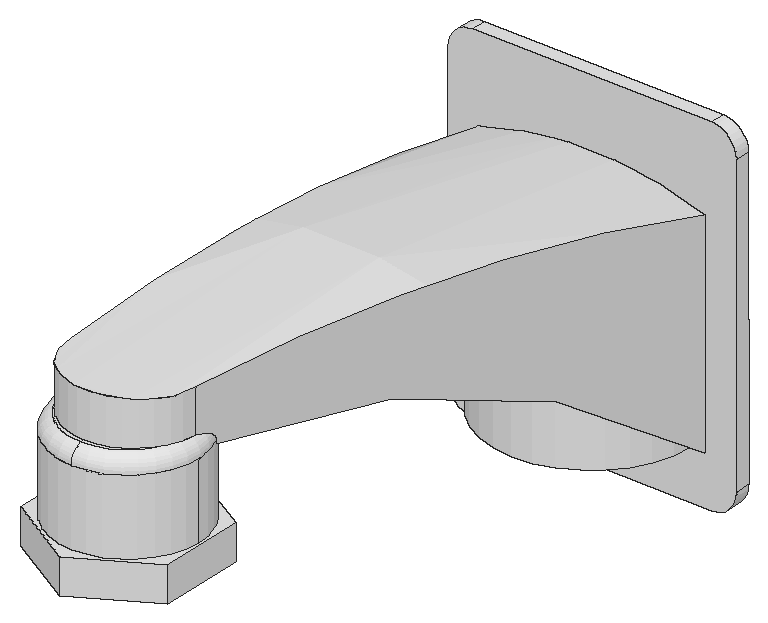
Revit family "DA-WM1400-IDIS", category Security Devices, Revit 2015
Parameters
  Default Elevation = 1219.2 mm
  A = 140 mm
Reference planes
  plane 1 "중심(앞/뒤)": y = 0
  plane 2: z = 0
  plane 3 "중심(왼쪽/오른쪽)": x = 0
  plane 4 "Mount Face": y = 239.53
  plane 5: z = 70
  plane 6: z = -70
  plane 7: x = 58
  plane 8: x = -58
  plane 9: y = 34.26
  plane 10: y = -34.26
  plane 11: y = -27.86
  plane 12: z = 0
Forms (mm)
  Extrusion 1, solid, material "Metal - White - IDIS"
    sketch origin (0, 239.53, 0) x (0, 0, 1) y (-1, 0, 0)
      loop
        arc (-60, 58) -> (-67.071, 55.071) -> (-70, 48) r 10
        line (-70, 48) -> (-70, -48)
        arc (-70, -48) -> (-67.071, -55.071) -> (-60, -58) r 10
        line (-60, -58) -> (60, -58)
        arc (60, -58) -> (67.071, -55.071) -> (70, -48) r 10
        line (70, -48) -> (70, 48)
        arc (70, 48) -> (67.071, 55.071) -> (60, 58) r 10
        line (60, 58) -> (-60, 58)
    from 0 to 6
  Extrusion 2, solid, material "Metal - White - IDIS"
    sketch origin (0, 0, 0) x (1, 0, 0) y (0, 1, 0)
      loop
        line (-45.18, 233.53) -> (-25, 2.872)
        arc (-25, 2.872) -> (0, -22.128) -> (25, 2.872) r 25
        line (25, 2.872) -> (45.18, 233.53) -> (-45.18, 233.53)
    from -70 to 109.225
  Extrusion 3, void
    sketch origin (0, 0, 0) x (0, 1, 0) y (0, 0, 1)
      loop
        arc (233.53, -50) -> (99.639, 24.826) -> (-52.408, 45.009) r 408.57
        line (-52.408, 45.009) -> (-52.408, -117.51) -> (233.53, -117.51) -> (233.53, -50)
    from -50 to 50
  Sweep 4, void
    path in 3D
      loop
        arc (0, 279.878, 29.725) -> (0, 110.171, 65.39) -> (0, -63.242, 66.247) r 859.122
    profile origin (0, 110.171, 65.39) x (0, -0.105842, -0.994383) y (1, 0, 0)
      loop
        line (-75.646, -64.3) -> (14.19, -64.3)
        arc (14.19, -64.3) -> (0.002, 0.401) -> (14.864, 64.951) r 151.028
        line (14.864, 64.951) -> (-75.646, 64.951) -> (-75.646, -64.3)
  Extrusion 5, solid, material "Metal - White - IDIS"
    sketch origin (0, 0, 0) x (1, 0, 0) y (0, 1, 0)
      loop
        line (0, 34.26) -> (-29.67, 17.13) -> (-29.67, -17.13) -> (0, -34.26) -> (29.67, -17.13) -> (29.67, 17.13) -> (0, 34.26)
    from 0 to 14.1
  Extrusion 6, solid, material "Metal - White - IDIS"
    sketch origin (0, 0, 0) x (1, 0, 0) y (0, 1, 0)
      loop
        circle (0, 0) r 28.43
    from 14.1 to 44.4
  Revolve 7, solid, material "Metal - White - IDIS"
    sketch origin (0, 0, 0) x (0, 1, 0) y (0, 0, 1)
      loop
        line (0, 44.4) -> (0, 50.897) -> (-23.881, 50.897)
        arc (-23.881, 50.897) -> (-27.269, 48.428) -> (-28.43, 44.4) r 6.465
        line (-28.43, 44.4) -> (0, 44.4)
      axis (0, 50.897) -> (0, 44.4)
    angle from 0 to 360
  Revolve 8, solid, material "Metal - White - IDIS"
    sketch origin (0, 0, 0) x (0, 1, 0) y (0, 0, 1)
      loop
        line (0, 14.1) -> (0, 50.87) -> (-21.97, 50.87)
        arc (-21.97, 50.87) -> (-26.538, 48.978) -> (-28.43, 44.41) r 6.46
        line (-28.43, 44.41) -> (-28.43, 14.1) -> (0, 14.1)
      axis (0, 50.87) -> (0, 14.1)
    angle from 0 to 360
  Extrusion 9, solid, material "Metal - White - IDIS"
    sketch origin (0, 0, 0) x (1, 0, 0) y (0, 1, 0)
      loop
        arc (-40.34, 233.53) -> (-0.34, 193.53) -> (39.66, 233.53) r 40
        line (39.66, 233.53) -> (-40.34, 233.53)
    from -50 to -8.608
Cuts and joins
  Extrusion 3 cuts Extrusion 1
  Extrusion 3, Sweep 4 cuts Extrusion 2
  joined: Extrusion 1, Extrusion 2, Extrusion 6, Revolve 7, Revolve 8, Extrusion 9
Lines and regions (mm)
  sketch lines
    curve 1: arc (0, 279.878, 29.725) -> (0, 110.171, 65.39) -> (0, -63.242, 66.247) r 859.122
  reference lines
    curve 2: line (20, 233.53, 0) -> (20, 192.89, 0)
    curve 3: line (20, 192.89, 0) -> (-20.68, 192.89, 0)
Dimensions and locks
  equal spacing: plane 5, level, plane 6
  locked: plane 5 to plane 6 at 140
  equal spacing: plane 7, plane 3 "중심(왼쪽/오른쪽)", plane 8
  locked: plane 7 to plane 8 at 116
  plane 1 "중심(앞/뒤)" to plane 4 "Mount Face" = 239.53 mm
  plane 4 "Mount Face" to plane 1 "중심(앞/뒤)" = 239.53 mm
  plane 9 to plane 1 "중심(앞/뒤)" to plane 10 = 34.26 mm locked, 34.26 mm locked
  aligned and locked: level to plane 2
  aligned and locked: Extrusion 5 to level
  aligned and locked: Extrusion 2 to Extrusion 1
  aligned and locked: Extrusion 3 to Extrusion 1
  aligned and locked: Revolve 8 sketch curve to plane 1 "중심(앞/뒤)"
  aligned and locked: cut or joined group of Extrusion 1, Extrusion 2, Extrusion 3, Sweep 4, Extrusion 6, Revolve 7, Revolve 8, Extrusion 9 to Extrusion 9 sketch curve
Automatic sketch dimensions
  Extrusion 1 sketch curve to plane 6 = 0 mm
  Extrusion 1 sketch curve to plane 7 = 0 mm
  Extrusion 1 sketch curve to plane 8 = 0 mm
  Extrusion 1 sketch curve to plane 5 = 0 mm
  plane 6 to Extrusion 1 sketch curve = 10 mm  (x2)
  Extrusion 1 sketch curve to Extrusion 1 sketch curve = 10 mm
  Extrusion 1 sketch curve to plane 5 = 10 mm
  plane 1 "중심(앞/뒤)" to Extrusion 6 sketch curve = 0 mm
  Extrusion 6 sketch curve to plane 3 "중심(왼쪽/오른쪽)" = 0 mm
  Revolve 7 sketch curve to plane 1 "중심(앞/뒤)" = 0 mm  (x2)
  plane 10 to Revolve 7 sketch curve = 12.287 mm
  Revolve 7 sketch curve to Revolve 7 sketch curve = 1.908 mm
  plane 10 to Revolve 7 sketch curve = 5.83 mm
  Revolve 7 sketch curve to plane 5 = 25.6 mm
  Revolve 7 sketch curve to Revolve 7 sketch curve = 0.32 mm
  Revolve 7 sketch curve to plane 6 = 450.992 mm
  plane 5 to Revolve 7 sketch curve = 2671.474 mm
  Revolve 8 sketch curve to plane 1 "중심(앞/뒤)" = 0 mm
  plane 10 to Revolve 8 sketch curve = 12.29 mm
  plane 10 to Revolve 8 sketch curve = 5.83 mm
  level to Revolve 8 sketch curve = 14.1 mm
  Revolve 8 sketch curve to plane 5 = 25.59 mm
  Revolve 8 sketch curve to plane 6 = 450.992 mm
  plane 5 to Revolve 8 sketch curve = 2671.474 mm
  Extrusion 3 sketch curve to plane 10 = 18.148 mm
  plane 10 to Extrusion 3 sketch curve = 5.069 mm
  plane 4 "Mount Face" to Extrusion 3 sketch curve = 6 mm
  Extrusion 3 sketch curve to plane 6 = 292.901 mm
  Extrusion 3 sketch curve to plane 6 = 47.51 mm
  plane 6 to Extrusion 3 sketch curve = 20 mm
  curve 3 to plane 3 "중심(왼쪽/오른쪽)" = 20.68 mm
  curve 2 to plane 7 = 38 mm
  plane 4 "Mount Face" to curve 2 = 46.64 mm
  plane 4 "Mount Face" to curve 2 = 6 mm
  Extrusion 9 sketch curve to plane 3 "중심(왼쪽/오른쪽)" = 0.34 mm
  plane 8 to Extrusion 9 sketch curve = 17.66 mm
  Extrusion 2 sketch curve to plane 3 "중심(왼쪽/오른쪽)" = 0 mm
  Extrusion 2 sketch curve to plane 1 "중심(앞/뒤)" = 2.872 mm
  Extrusion 2 sketch curve to plane 3 "중심(왼쪽/오른쪽)" = 25 mm
  Extrusion 2 sketch curve to plane 7 = 12.82 mm
  plane 8 to Extrusion 2 sketch curve = 12.82 mm
  plane 4 "Mount Face" to Extrusion 2 sketch curve = 6 mm
  profile plane to Sweep 4 sketch curve = 75.646 mm
  Sweep 4 sketch curve to profile plane = 14.19 mm
  Sweep 4 sketch curve to profile plane = 14.864 mm
  Sweep 4 sketch curve to profile plane = 0.387 mm
  Sweep 4 sketch curve to profile plane = 151.028 mm
  Sweep 4 sketch curve to profile plane = 64.3 mm
  radius of Extrusion 6 sketch curve = 28.43 mm
